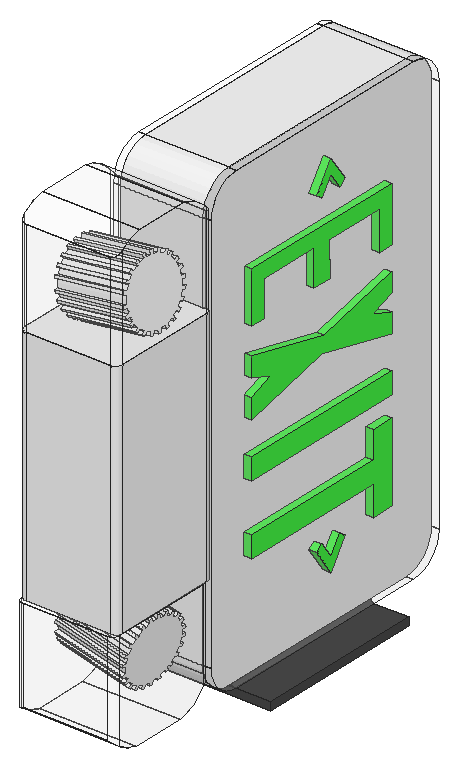
Revit family "DYNC_End", category Lighting Fixtures, host Face, Revit 2021
Family settings
  Host = Face
  Round Connector Dimension = Use Diameter
  Part Type = Normal
  OmniClass Number = 23.80.70.11.21
  OmniClass Title = Emergency Lighting
  Cut with Voids When Loaded = No
  Light Source = No
  Shared = No
  Room Calculation Point = No
Parameters (values of type "DYNC-D-G")
  zz Length 1 [instance] = if(Single Face, 0.200", 0.250")  # 0.200"
  Watts = 3.72 W
  Wattage Comments = "3.72 W"
  Warranty = "Fixture: 5 Years Full; Battery: 2 Years Full, 8 Years Pro-Rata"  # constant formula
  Wall Plate Material = Black
  Voltage [instance] = if(Is 120VAC, 120 V, 277 V)  # 120 V
  URL = "https://www.currentlighting.com/dual-lite"
  Type Comments = "Exit Light"  # constant formula
  Single Face = yes
  Product Page URL = ""
  Product Documentation Link = ""
  Model = "DYNC"  # constant formula
  Manufacturer = "DUAL-LITE"  # constant formula
  Load Classification = Lighting
  Lens = Green Glass
  Lamp = "LED Lamp"  # constant formula
  Is 277VAC [instance] = not(Is 120VAC)  # no
  Is 120VAC [instance] = yes
  Holder Material = Steel
  Glass = light Glass
  Finish = White
  Features = "NEMA 4X Rated\r\nUL Sanitation Certified\r\nFull Lumen output over 90 minutes of battery discharge\r\nHeavy Duty die-cast construction with polycarbonate shields\r\nLong-life Lithium Iron Phosphate battery\r\nRed or Green Letters in White or Black Finish\r\nWall, Ceiling or End Mount"  # constant formula
  Double Face = yes
  Description = "DYNC Series is a highly versatile superior lumen output, industrial application combination Exit/Emergency lighting unit designed to provide a minimum of 90 minutes illumination when primary power is lost."  # constant formula
  Default Elevation = 48.000"
  Certification = "UL 924 Listed\r\nNFPA 101 Life Safety Code\r\nCEC T20 Compliant"  # constant formula
  Ceiling = End : E1
  Application = "NEMA 4 X, Wet, Industrial"  # constant formula
  Apparent Load = Watts  # 3.72 VA
Types (4): name | Lens | Double Face
  DYNC-S-R | Red Glass | no
  DYNC-S-G | Green Glass | no
  DYNC-D-G | Green Glass | yes
  DYNC-D-R | Red Glass | yes
Reference planes (in)
  plane 1 "Center (Front/Back)": y = 0
  plane 2: z = 0
  plane 3 "Center (Left/Right)": x = 0
  plane 4: x = -6.25
  plane 5: x = 6.25
  plane 6: x = -2.75
  plane 7: x = 2.75
  plane 8: z = 9.3
  plane 9: y = -1.25
  plane 10: y = 1.25
  plane 11: y = -2.2
  plane 12: y = 2.2
Forms (in)
  Extrusion 1, solid, material "Black" <- "Wall Plate Material"
    sketch origin (-0.33698, -0.33698, 0) x (1, 0, 0) y (0, 0, 1)
      loop
        line (2.20258, 0) -> (2.20258, 0.24288) -> (1.0795, 0.24288)
        arc (1.0795, 0.24288) -> (0.94157, 0.42301) -> (0.97906, 0.64676) r 0.28476
        line (0.97906, 0.64676) -> (-0.97906, 0.64676)
        arc (-0.97906, 0.64676) -> (-0.94157, 0.42301) -> (-1.0795, 0.24288) r 0.28476
        line (-1.0795, 0.24288) -> (-2.20258, 0.24288) -> (-2.20258, 0) -> (2.20258, 0)
    from -2.75 to 2.75
Dimensions and locks (in)
  plane 4 to plane 3 "Center (Left/Right)" = 6.250"
  equal spacing: plane 4, plane 3 "Center (Left/Right)", plane 5
  equal spacing: plane 6, plane 3 "Center (Left/Right)", plane 7
  plane 6 to plane 3 "Center (Left/Right)" = 2.750"
  plane 7 to plane 6 = 5.500"
  plane 5 to plane 4 = 12.500"
  aligned and locked: plane 2 to host face
  aligned and locked: level to host face
Automatic sketch dimensions
  host sketch curve to host sketch curve = 96.000"  (x2)
  Extrusion 1 sketch curve to level = 0.000"
  plane 6 to Extrusion 1 sketch curve = 0.21043"
  level to Extrusion 1 sketch curve = 0.49173"
  Extrusion 1 sketch curve to Extrusion 1 sketch curve = 0.98467"
  Extrusion 1 sketch curve to Extrusion 1 sketch curve = 0.13842"  (x2)
  Extrusion 1 sketch curve to Extrusion 1 sketch curve = 0.23886"
  plane 3 "Center (Left/Right)" to Extrusion 1 sketch curve = 0.64208"
  Extrusion 1 sketch curve to Extrusion 1 sketch curve = 0.10044"
  level to Extrusion 1 sketch curve = 0.24288"
  Extrusion 1 sketch curve to plane 7 = 0.8844"
  Extrusion 1 sketch curve to Extrusion 1 sketch curve = 0.24288"
Nested families (in)
  nested 1: "End" at (-0.3125, -4, 3.27041) x (0, 1, 0) z (0, 0, 1), type <- "Ceiling", type "E1"
  nested 2: "Light Source" at (0.45318, -6.95135, 0.39641) x (-0.9983, 0.0591, 0) z (0, 0, 1), type "ies"
  nested 3: "Light Source" at (0.45318, -6.95135, 10.85511) x (-0.997, 0.0778, 0) z (0, 0, 1), type "ies"
Connectors (in)
  electrical at (-0.33698, -0.33698, 0), driven by "Voltage", driven by "Apparent Load"
    settings: on Extrusion 1, index 1, voltage 120 V, apparent load 3.72 VA, apparent load phase1 0 VA, apparent load phase2 0 VA, apparent load phase3 0 VA, power factor 1, load classification "Other", number of poles 1, system type 30, power factor state 1, is connector primary yes, connector utility no, sub classification motor no, connector description "Lighting Connector"
Definition of nested family "End"
  Parameters
    Width = 3.100"
    Single Face = yes
    Lens = none
    Glass = none
    Finish = none
    Double Face = no
    Default Elevation = 0.000"
  Reference planes (in)
    plane 1 "Center (Front/Back)": y = 0
    plane 2: z = 0
    plane 3 "Center (Left/Right)": x = 0
    plane 4: x = -7.375
    plane 5: x = 7.375
    plane 6: z = 9.055
    plane 7: y = -1.55
    plane 8: y = 1.55
    plane 9: z = 12.8
    plane 10: z = 13.6
  Forms (in)
    Extrusion 1, solid, material <- "Finish"
      sketch origin (8.66333, 0.02507, 4.75135) x (0, 0, 1) y (-1, 0, 0)
        loop
          arc (-6.375, 9.3) -> (-7.08211, 9.00711) -> (-7.375, 8.3) r 1
          line (-7.375, 8.3) -> (-7.375, 1.25)
          arc (-7.375, 1.25) -> (-7.08211, 0.54289) -> (-6.375, 0.25) r 1
          line (-6.375, 0.25) -> (6.375, 0.25)
          arc (6.375, 0.25) -> (7.08211, 0.54289) -> (7.375, 1.25) r 1
          line (7.375, 1.25) -> (7.375, 8.3)
          arc (7.375, 8.3) -> (7.08211, 9.00711) -> (6.375, 9.3) r 1
          line (6.375, 9.3) -> (-6.375, 9.3)
      from -1.3125 to 1.3125
    Extrusion 2, solid, material <- "Lens", visible <- "Single Face"
      sketch origin (7.41333, -0.66243, 4.75135) x (0, 0, 1) y (-1, 0, 0)
        loop
          line (-4.88814, 3.88778) -> (-5.7073, 3.3142) -> (-4.88814, 2.74063) -> (-4.74475, 2.94542) -> (-5.27143, 3.3142) -> (-4.74475, 3.68299) -> (-4.88814, 3.88778)
        loop
          line (5.26314, 3.88778) -> (5.11975, 3.68299) -> (5.64643, 3.3142) -> (5.11975, 2.94542) -> (5.26314, 2.74063) -> (6.0823, 3.3142) -> (5.26314, 3.88778)
        loop
          line (2.68416, 6.45678) -> (2.68416, 5.97564) -> (3.8216, 5.97564) -> (3.8216, 3.97225) -> (2.68416, 3.97225) -> (2.68416, 3.36683) -> (3.80274, 3.3823) -> (3.80274, 1.3823) -> (2.55274, 1.3823) -> (2.55274, 0.8823) -> (4.30274, 0.8823) -> (4.30274, 6.45678) -> (2.68416, 6.45678)
        loop
          line (1.83093, 6.45573) -> (1.20036, 6.45573) -> (0.92318, 5.69418) -> (0.646, 6.45573) -> (0.01543, 6.45573) -> (0.65867, 3.66954) -> (0.01543, 0.88335) -> (0.646, 0.88335) -> (0.92318, 1.64489) -> (1.20036, 0.88335) -> (1.78078, 0.88335) -> (1.16261, 3.56092) -> (1.83093, 6.45573)
        loop
          line (-1.71319, 6.47228) -> (-1.71319, 0.88335) -> (-1.04357, 0.88335) -> (-1.04357, 6.47228) -> (-1.71319, 6.47228)
        loop
          line (-2.38057, 0.88335) -> (-2.38057, 1.61488) -> (-3.25288, 1.61488) -> (-3.25288, 6.47228) -> (-3.9225, 6.47228) -> (-3.9225, 1.61488) -> (-4.89234, 1.61488) -> (-4.89234, 0.88335) -> (-2.38057, 0.88335)
      from 0.625 to 0.89107
    Extrusion 3, solid, material <- "Glass", visible <- "Single Face"
      sketch origin (8.66333, -0.66243, 4.75135) x (0, 0, 1) y (-1, 0, 0)
        loop
          line (-7.375, 8.305) -> (-7.375, 1.25)
          arc (-7.375, 1.25) -> (-7.08211, 0.54289) -> (-6.375, 0.25) r 1
          line (-6.375, 0.25) -> (6.375, 0.25)
          arc (6.375, 0.25) -> (7.08211, 0.54289) -> (7.375, 1.25) r 1
          line (7.375, 1.25) -> (7.375, 8.305)
          arc (7.375, 8.305) -> (7.08211, 9.01211) -> (6.375, 9.305) r 1
          line (6.375, 9.305) -> (-6.375, 9.305)
          arc (-6.375, 9.305) -> (-7.08211, 9.01211) -> (-7.375, 8.305) r 1
      from 0.625 to 0.89107
    Extrusion 4, solid, material <- "Lens", visible <- "Double Face"
      sketch origin (0.05875, 0.71257, 4.75135) x (0, 0, -1) y (-1, 0, 0)
        loop
          line (-4.95064, -3.88778) -> (-4.80725, -3.68299) -> (-5.33393, -3.3142) -> (-4.80725, -2.94542) -> (-4.95064, -2.74063) -> (-5.7698, -3.3142) -> (-4.95064, -3.88778)
        loop
          line (5.20064, -3.88778) -> (6.0198, -3.3142) -> (5.20064, -2.74063) -> (5.05725, -2.94542) -> (5.58393, -3.3142) -> (5.05725, -3.68299) -> (5.20064, -3.88778)
        loop
          line (2.68416, -6.45678) -> (4.30274, -6.45678) -> (4.30274, -0.8823) -> (2.55274, -0.8823) -> (2.55274, -1.3823) -> (3.80274, -1.3823) -> (3.80274, -3.3823) -> (2.68416, -3.36683) -> (2.68416, -3.97225) -> (3.8216, -3.97225) -> (3.8216, -5.97564) -> (2.68416, -5.97564) -> (2.68416, -6.45678)
        loop
          line (1.83093, -6.45573) -> (1.16261, -3.56092) -> (1.78078, -0.88335) -> (1.20036, -0.88335) -> (0.92318, -1.64489) -> (0.646, -0.88335) -> (0.01543, -0.88335) -> (0.65867, -3.66954) -> (0.01543, -6.45573) -> (0.646, -6.45573) -> (0.92318, -5.69418) -> (1.20036, -6.45573) -> (1.83093, -6.45573)
        loop
          line (-1.77569, -6.47228) -> (-1.10607, -6.47228) -> (-1.10607, -0.88335) -> (-1.77569, -0.88335) -> (-1.77569, -6.47228)
        loop
          line (-4.95484, -6.47228) -> (-2.44307, -6.47228) -> (-2.44307, -5.74075) -> (-3.41291, -5.74075) -> (-3.41291, -0.88335) -> (-4.08253, -0.88335) -> (-4.08253, -5.74075) -> (-4.95484, -5.74075) -> (-4.95484, -6.47228)
      from 0.625 to 0.84093
    Extrusion 5, solid, material <- "Glass", visible <- "Double Face"
      sketch origin (8.66333, 0.71257, 4.75135) x (0, 0, 1) y (1, 0, 0)
        loop
          line (7.375, -8.3) -> (7.375, -1.25)
          arc (7.375, -1.25) -> (7.08211, -0.54289) -> (6.375, -0.25) r 1
          line (6.375, -0.25) -> (-6.375, -0.25)
          arc (-6.375, -0.25) -> (-7.08211, -0.54289) -> (-7.375, -1.25) r 1
          line (-7.375, -1.25) -> (-7.375, -8.3)
          arc (-7.375, -8.3) -> (-7.08211, -9.00711) -> (-6.375, -9.3) r 1
          line (-6.375, -9.3) -> (6.375, -9.3)
          arc (6.375, -9.3) -> (7.08211, -9.00711) -> (7.375, -8.3) r 1
      from 0.625 to 0.84093
    Extrusion 6, solid, material <- "Finish"
      sketch origin (8.41333, 0, 4.75135) x (0, 1, 0) y (-1, 0, 0)
        loop
          arc (1.40408, 9.05) -> (1.50726, 9.09274) -> (1.55, 9.19592) r 0.14592
          line (1.55, 9.19592) -> (1.55, 12.58698)
          arc (1.55, 12.58698) -> (1.48761, 12.73761) -> (1.33698, 12.8) r 0.21302
          line (1.33698, 12.8) -> (-1.33575, 12.8)
          arc (-1.33575, 12.8) -> (-1.48725, 12.73725) -> (-1.55, 12.58575) r 0.21425
          line (-1.55, 12.58575) -> (-1.55, 9.2302)
          arc (-1.55, 9.2302) -> (-1.49722, 9.10278) -> (-1.3698, 9.05) r 0.1802
          line (-1.3698, 9.05) -> (1.40408, 9.05)
      from -3.80274 to 3.8216
    Extrusion 7, solid, material <- "Glass"
      sketch origin (8.41333, 0.09375, -3.74865) x (0, 1, 0) y (-1, 0, 0)
        loop
          arc (1.40408, 9.05) -> (1.50726, 9.09274) -> (1.55, 9.19592) r 0.14592
          line (1.55, 9.19592) -> (1.55, 12.58698)
          arc (1.55, 12.58698) -> (1.48761, 12.73761) -> (1.33698, 12.8) r 0.21302
          line (1.33698, 12.8) -> (-1.33575, 12.8)
          arc (-1.33575, 12.8) -> (-1.48725, 12.73725) -> (-1.55, 12.58575) r 0.21425
          line (-1.55, 12.58575) -> (-1.55, 9.2302)
          arc (-1.55, 9.2302) -> (-1.49722, 9.10278) -> (-1.3698, 9.05) r 0.1802
          line (-1.3698, 9.05) -> (1.40408, 9.05)
      from 1.125 to 4.5775
    Extrusion 8, solid, material <- "Glass"
      sketch origin (8.41333, 0, 13.25135) x (1, 0, 0) y (0, 1, 0)
        loop
          arc (-9.05, 1.40408) -> (-9.09274, 1.50726) -> (-9.19592, 1.55) r 0.14592
          line (-9.19592, 1.55) -> (-12.58698, 1.55)
          arc (-12.58698, 1.55) -> (-12.73761, 1.48761) -> (-12.8, 1.33698) r 0.21302
          line (-12.8, 1.33698) -> (-12.8, -1.33575)
          arc (-12.8, -1.33575) -> (-12.73725, -1.48725) -> (-12.58575, -1.55) r 0.21425
          line (-12.58575, -1.55) -> (-9.2302, -1.55)
          arc (-9.2302, -1.55) -> (-9.10278, -1.49722) -> (-9.05, -1.3698) r 0.1802
          line (-9.05, -1.3698) -> (-9.05, 1.40408)
      from -4.6784 to -1.125
    Extrusion 9, void
      sketch origin (8.41333, 0, 4.7826) x (0, 0, 1) y (-1, 0, 0)
        loop
          line (-6.4079, 13.16468) -> (-7.87985, 13.16468) -> (-7.87985, 9.05) -> (-6.6482, 9.05)
          arc (-6.6482, 9.05) -> (-7.21595, 9.64124) -> (-7.4355, 10.43099) r 1.67637
          line (-7.4355, 10.43099) -> (-7.4355, 11.60825)
          arc (-7.4355, 11.60825) -> (-7.14621, 12.53469) -> (-6.4079, 13.16468) r 1.75073
      from -1.74651 to 1.7598
    Extrusion 10, void
      sketch origin (8.41333, 0, 4.7201) x (0, 0, -1) y (1, 0, 0)
        loop
          arc (-6.4079, -13.16468) -> (-7.14621, -12.53469) -> (-7.4355, -11.60825) r 1.75073
          line (-7.4355, -11.60825) -> (-7.4355, -10.43099)
          arc (-7.4355, -10.43099) -> (-7.21595, -9.64124) -> (-6.6482, -9.05) r 1.67637
          line (-6.6482, -9.05) -> (-7.87985, -9.05) -> (-7.87985, -13.16468) -> (-6.4079, -13.16468)
      from -1.74651 to 1.7598
    Extrusion 11, solid, material <- "Finish"
      sketch origin (8.02005, -1.94508, 5.99234) x (0.060547, 0.166352, -0.984206) y (0.994797, -0.090997, 0.045818)
        loop
          line (5.62448, -11.89005) -> (5.62448, -12.01258) -> (5.71473, -12.01258) -> (5.71473, -11.89413)
          arc (5.71473, -11.89413) -> (5.84526, -11.88558) -> (5.97355, -11.86006) r 1
          line (5.97355, -11.86006) -> (6.00421, -11.97447) -> (6.09138, -11.95111) -> (6.05967, -11.83276)
          arc (6.05967, -11.83276) -> (6.13876, -11.79978) -> (6.21473, -11.76016) r 1
          line (6.21473, -11.76016) -> (6.27395, -11.86274) -> (6.35212, -11.81761) -> (6.29085, -11.7115)
          arc (6.29085, -11.7115) -> (6.35871, -11.65918) -> (6.42184, -11.60124) r 1
          line (6.42184, -11.60124) -> (6.50559, -11.68499) -> (6.56941, -11.62117) -> (6.48277, -11.53453)
          arc (6.48277, -11.53453) -> (6.53477, -11.46643) -> (6.58076, -11.39413) r 1
          line (6.58076, -11.39413) -> (6.68333, -11.45336) -> (6.72846, -11.37519) -> (6.62235, -11.31393)
          arc (6.62235, -11.31393) -> (6.65495, -11.23469) -> (6.68066, -11.15295) r 1
          line (6.68066, -11.15295) -> (6.79507, -11.18361) -> (6.81843, -11.09643) -> (6.70007, -11.06472)
          arc (6.70007, -11.06472) -> (6.71106, -10.97974) -> (6.71473, -10.89413) r 1
          line (6.71473, -10.89413) -> (6.83318, -10.89413) -> (6.83318, -10.80388) -> (6.71065, -10.80388)
          arc (6.71065, -10.80388) -> (6.69927, -10.71895) -> (6.68066, -10.63531) r 1
          line (6.68066, -10.63531) -> (6.79507, -10.60466) -> (6.77171, -10.51748) -> (6.65335, -10.54919)
          arc (6.65335, -10.54919) -> (6.62038, -10.4701) -> (6.58076, -10.39413) r 1
          line (6.58076, -10.39413) -> (6.68333, -10.33491) -> (6.63821, -10.25675) -> (6.53209, -10.31801)
          arc (6.53209, -10.31801) -> (6.50808, -10.28537) -> (6.48277, -10.25373) r 1
          line (6.48277, -10.25373) -> (6.56941, -10.16709) -> (6.50559, -10.10327) -> (6.42184, -10.18702)
          arc (6.42184, -10.18702) -> (6.35871, -10.12909) -> (6.29085, -10.07677) r 1
          line (6.29085, -10.07677) -> (6.35212, -9.97065) -> (6.27395, -9.92553) -> (6.21473, -10.02811)
          arc (6.21473, -10.02811) -> (6.13876, -9.98848) -> (6.05967, -9.95551) r 1
          line (6.05967, -9.95551) -> (6.09138, -9.83715) -> (6.00421, -9.81379) -> (5.97355, -9.92821)
          arc (5.97355, -9.92821) -> (5.88991, -9.9096) -> (5.80498, -9.89821) r 1
          line (5.80498, -9.89821) -> (5.80498, -9.77568) -> (5.71473, -9.77568) -> (5.71473, -9.89413)
          arc (5.71473, -9.89413) -> (5.62912, -9.8978) -> (5.54415, -9.90879) r 1
          line (5.54415, -9.90879) -> (5.51243, -9.79043) -> (5.42525, -9.81379) -> (5.45591, -9.92821)
          arc (5.45591, -9.92821) -> (5.37417, -9.95391) -> (5.29493, -9.98651) r 1
          line (5.29493, -9.98651) -> (5.23367, -9.8804) -> (5.15551, -9.92553) -> (5.21473, -10.02811)
          arc (5.21473, -10.02811) -> (5.14243, -10.07409) -> (5.07433, -10.12609) r 1
          line (5.07433, -10.12609) -> (4.98769, -10.03945) -> (4.92387, -10.10327) -> (5.00762, -10.18702)
          arc (5.00762, -10.18702) -> (4.94969, -10.25015) -> (4.89737, -10.31801) r 1
          line (4.89737, -10.31801) -> (4.79125, -10.25675) -> (4.74613, -10.33491) -> (4.8487, -10.39413)
          arc (4.8487, -10.39413) -> (4.80908, -10.4701) -> (4.77611, -10.54919) r 1
          line (4.77611, -10.54919) -> (4.65775, -10.51748) -> (4.63439, -10.60466) -> (4.7488, -10.63531)
          arc (4.7488, -10.63531) -> (4.73019, -10.71895) -> (4.71881, -10.80388) r 1
          line (4.71881, -10.80388) -> (4.59628, -10.80388) -> (4.59628, -10.89413) -> (4.71473, -10.89413)
          arc (4.71473, -10.89413) -> (4.7184, -10.97974) -> (4.72939, -11.06472) r 1
          line (4.72939, -11.06472) -> (4.61103, -11.09643) -> (4.63439, -11.18361) -> (4.7488, -11.15295)
          arc (4.7488, -11.15295) -> (4.77451, -11.23469) -> (4.80711, -11.31393) r 1
          line (4.80711, -11.31393) -> (4.701, -11.37519) -> (4.74613, -11.45336) -> (4.8487, -11.39413)
          arc (4.8487, -11.39413) -> (4.89469, -11.46643) -> (4.94669, -11.53453) r 1
          line (4.94669, -11.53453) -> (4.86005, -11.62117) -> (4.92387, -11.68499) -> (5.00762, -11.60124)
          arc (5.00762, -11.60124) -> (5.07075, -11.65918) -> (5.13861, -11.7115) r 1
          line (5.13861, -11.7115) -> (5.07734, -11.81761) -> (5.15551, -11.86274) -> (5.21473, -11.76016)
          arc (5.21473, -11.76016) -> (5.2907, -11.79978) -> (5.36979, -11.83276) r 1
          line (5.36979, -11.83276) -> (5.33808, -11.95111) -> (5.42525, -11.97447) -> (5.45591, -11.86006)
          arc (5.45591, -11.86006) -> (5.53955, -11.87867) -> (5.62448, -11.89005) r 1
      from -1.05758 to 1.28743
    Extrusion 12, solid, material <- "Finish"
      sketch origin (8.05037, -1.76154, 3.51036) x (0.057635, 0.167383, 0.984206) y (-0.996233, 0.073622, 0.045818)
        loop
          arc (5.62448, 11.89005) -> (5.53955, 11.87867) -> (5.45591, 11.86006) r 1
          line (5.45591, 11.86006) -> (5.42525, 11.97447) -> (5.33808, 11.95111) -> (5.36979, 11.83276)
          arc (5.36979, 11.83276) -> (5.2907, 11.79978) -> (5.21473, 11.76016) r 1
          line (5.21473, 11.76016) -> (5.15551, 11.86274) -> (5.07734, 11.81761) -> (5.13861, 11.7115)
          arc (5.13861, 11.7115) -> (5.07075, 11.65918) -> (5.00762, 11.60124) r 1
          line (5.00762, 11.60124) -> (4.92387, 11.68499) -> (4.86005, 11.62117) -> (4.94669, 11.53453)
          arc (4.94669, 11.53453) -> (4.89469, 11.46643) -> (4.8487, 11.39413) r 1
          line (4.8487, 11.39413) -> (4.74613, 11.45336) -> (4.701, 11.37519) -> (4.80711, 11.31393)
          arc (4.80711, 11.31393) -> (4.77451, 11.23469) -> (4.7488, 11.15295) r 1
          line (4.7488, 11.15295) -> (4.63439, 11.18361) -> (4.61103, 11.09643) -> (4.72939, 11.06472)
          arc (4.72939, 11.06472) -> (4.7184, 10.97974) -> (4.71473, 10.89413) r 1
          line (4.71473, 10.89413) -> (4.59628, 10.89413) -> (4.59628, 10.80388) -> (4.71881, 10.80388)
          arc (4.71881, 10.80388) -> (4.73019, 10.71895) -> (4.7488, 10.63531) r 1
          line (4.7488, 10.63531) -> (4.63439, 10.60466) -> (4.65775, 10.51748) -> (4.77611, 10.54919)
          arc (4.77611, 10.54919) -> (4.80908, 10.4701) -> (4.8487, 10.39413) r 1
          line (4.8487, 10.39413) -> (4.74613, 10.33491) -> (4.79125, 10.25675) -> (4.89737, 10.31801)
          arc (4.89737, 10.31801) -> (4.94969, 10.25015) -> (5.00762, 10.18702) r 1
          line (5.00762, 10.18702) -> (4.92387, 10.10327) -> (4.98769, 10.03945) -> (5.07433, 10.12609)
          arc (5.07433, 10.12609) -> (5.14243, 10.07409) -> (5.21473, 10.02811) r 1
          line (5.21473, 10.02811) -> (5.15551, 9.92553) -> (5.23367, 9.8804) -> (5.29493, 9.98651)
          arc (5.29493, 9.98651) -> (5.37417, 9.95391) -> (5.45591, 9.92821) r 1
          line (5.45591, 9.92821) -> (5.42525, 9.81379) -> (5.51243, 9.79043) -> (5.54415, 9.90879)
          arc (5.54415, 9.90879) -> (5.62912, 9.8978) -> (5.71473, 9.89413) r 1
          line (5.71473, 9.89413) -> (5.71473, 9.77568) -> (5.80498, 9.77568) -> (5.80498, 9.89821)
          arc (5.80498, 9.89821) -> (5.88991, 9.9096) -> (5.97355, 9.92821) r 1
          line (5.97355, 9.92821) -> (6.00421, 9.81379) -> (6.09138, 9.83715) -> (6.05967, 9.95551)
          arc (6.05967, 9.95551) -> (6.13876, 9.98848) -> (6.21473, 10.02811) r 1
          line (6.21473, 10.02811) -> (6.27395, 9.92553) -> (6.35212, 9.97065) -> (6.29085, 10.07677)
          arc (6.29085, 10.07677) -> (6.35871, 10.12909) -> (6.42184, 10.18702) r 1
          line (6.42184, 10.18702) -> (6.50559, 10.10327) -> (6.56941, 10.16709) -> (6.48277, 10.25373)
          arc (6.48277, 10.25373) -> (6.50808, 10.28537) -> (6.53209, 10.31801) r 1
          line (6.53209, 10.31801) -> (6.63821, 10.25675) -> (6.68333, 10.33491) -> (6.58076, 10.39413)
          arc (6.58076, 10.39413) -> (6.62038, 10.4701) -> (6.65335, 10.54919) r 1
          line (6.65335, 10.54919) -> (6.77171, 10.51748) -> (6.79507, 10.60466) -> (6.68066, 10.63531)
          arc (6.68066, 10.63531) -> (6.69927, 10.71895) -> (6.71065, 10.80388) r 1
          line (6.71065, 10.80388) -> (6.83318, 10.80388) -> (6.83318, 10.89413) -> (6.71473, 10.89413)
          arc (6.71473, 10.89413) -> (6.71106, 10.97974) -> (6.70007, 11.06472) r 1
          line (6.70007, 11.06472) -> (6.81843, 11.09643) -> (6.79507, 11.18361) -> (6.68066, 11.15295)
          arc (6.68066, 11.15295) -> (6.65495, 11.23469) -> (6.62235, 11.31393) r 1
          line (6.62235, 11.31393) -> (6.72846, 11.37519) -> (6.68333, 11.45336) -> (6.58076, 11.39413)
          arc (6.58076, 11.39413) -> (6.53477, 11.46643) -> (6.48277, 11.53453) r 1
          line (6.48277, 11.53453) -> (6.56941, 11.62117) -> (6.50559, 11.68499) -> (6.42184, 11.60124)
          arc (6.42184, 11.60124) -> (6.35871, 11.65918) -> (6.29085, 11.7115) r 1
          line (6.29085, 11.7115) -> (6.35212, 11.81761) -> (6.27395, 11.86274) -> (6.21473, 11.76016)
          arc (6.21473, 11.76016) -> (6.13876, 11.79978) -> (6.05967, 11.83276) r 1
          line (6.05967, 11.83276) -> (6.09138, 11.95111) -> (6.00421, 11.97447) -> (5.97355, 11.86006)
          arc (5.97355, 11.86006) -> (5.84526, 11.88558) -> (5.71473, 11.89413) r 1
          line (5.71473, 11.89413) -> (5.71473, 12.01258) -> (5.62448, 12.01258) -> (5.62448, 11.89005)
      from -1.05758 to 1.28743
  Cuts and joins
    Extrusion 9 cuts Extrusion 1
    Extrusion 9 cuts Extrusion 3
    Extrusion 9, Extrusion 10 cuts Extrusion 7
    Extrusion 10 cuts Extrusion 8
  Dimensions and locks (in)
    plane 6 to level = 9.055"
    plane 5 to plane 4 = 14.750"
    equal spacing: plane 5, plane 3 "Center (Left/Right)", plane 4
    "Width": plane 8 to plane 7
    equal spacing: plane 8, plane 1 "Center (Front/Back)", plane 7
    aligned and locked: plane 2 to level
  Automatic sketch dimensions
    plane 5 to Extrusion 1 sketch curve = 0.03833"
    Extrusion 1 sketch curve to level = 2.62365"
    plane 5 to Extrusion 1 sketch curve = 1.03833"
    plane 3 "Center (Left/Right)" to Extrusion 1 sketch curve = 0.36333"  (x2)
    Extrusion 1 sketch curve to Extrusion 1 sketch curve = 1.000"
    Extrusion 1 sketch curve to plane 9 = 1.67365"  (x2)
    Extrusion 2 sketch curve to level = 0.95595"
    Extrusion 2 sketch curve to Extrusion 2 sketch curve = 0.43586"  (x2)
    Extrusion 2 sketch curve to level = 0.14099"
    Extrusion 2 sketch curve to level = 0.13679"  (x2)
    level to Extrusion 2 sketch curve = 0.0066"  (x2)
    level to Extrusion 2 sketch curve = 0.82885"
    Extrusion 2 sketch curve to Extrusion 2 sketch curve = 0.66962"  (x2)
    Extrusion 2 sketch curve to Extrusion 2 sketch curve = 0.87231"
    Extrusion 2 sketch curve to Extrusion 2 sketch curve = 0.66738"
    Extrusion 2 sketch curve to Extrusion 2 sketch curve = 1.05899"  (x2)
    Extrusion 2 sketch curve to plane 5 = 0.84502"  (x3)
    Extrusion 2 sketch curve to Extrusion 2 sketch curve = 0.63057"  (x3)
    plane 3 "Center (Left/Right)" to Extrusion 2 sketch curve = 0.9576"  (x2)
    Extrusion 2 sketch curve to Extrusion 2 sketch curve = 0.01267"
    Extrusion 2 sketch curve to plane 5 = 1.60656"
    Extrusion 2 sketch curve to Extrusion 2 sketch curve = 0.27718"  (x2)
    Extrusion 2 sketch curve to Extrusion 2 sketch curve = 0.50394"
    Extrusion 2 sketch curve to Extrusion 2 sketch curve = 0.55436"  (x2)
    Extrusion 2 sketch curve to Extrusion 2 sketch curve = 0.58042"
    Extrusion 2 sketch curve to Extrusion 2 sketch curve = 0.77196"
    Extrusion 2 sketch curve to Extrusion 2 sketch curve = 0.85323"
    Extrusion 2 sketch curve to Extrusion 2 sketch curve = 1.52154"
    Extrusion 2 sketch curve to plane 6 = 0.50091"
    Extrusion 2 sketch curve to plane 6 = 0.48205"
    Extrusion 2 sketch curve to plane 6 = 0.00091"
    plane 6 to Extrusion 2 sketch curve = 0.8161"
    Extrusion 2 sketch curve to Extrusion 2 sketch curve = 0.000"  (x3)
    Extrusion 2 sketch curve to Extrusion 2 sketch curve = 0.14339"  (x2)
    Extrusion 2 sketch curve to Extrusion 2 sketch curve = 0.52668"
    Extrusion 2 sketch curve to Extrusion 2 sketch curve = 0.00106"
    Extrusion 2 sketch curve to Extrusion 2 sketch curve = 0.500"
    Extrusion 2 sketch curve to Extrusion 2 sketch curve = 0.73153"
    Extrusion 2 sketch curve to Extrusion 2 sketch curve = 1.12575"
    Extrusion 2 sketch curve to Extrusion 2 sketch curve = 1.35833"
    Extrusion 2 sketch curve to Extrusion 2 sketch curve = 0.20479"  (x2)
    Extrusion 2 sketch curve to Extrusion 2 sketch curve = 1.98453"
    Extrusion 2 sketch curve to Extrusion 2 sketch curve = 0.01547"
    Extrusion 2 sketch curve to Extrusion 2 sketch curve = 0.19409"
    Extrusion 2 sketch curve to Extrusion 2 sketch curve = 0.10862"
    Extrusion 2 sketch curve to Extrusion 2 sketch curve = 0.58995"
    Extrusion 2 sketch curve to Extrusion 2 sketch curve = 0.76154"
    Extrusion 2 sketch curve to Extrusion 2 sketch curve = 0.48009"
    Extrusion 2 sketch curve to Extrusion 2 sketch curve = 0.48114"
    plane 3 "Center (Left/Right)" to Extrusion 2 sketch curve = 0.94105"  (x2)
    plane 3 "Center (Left/Right)" to Extrusion 3 sketch curve = 0.35833"
    Extrusion 3 sketch curve to level = 2.62365"
    Extrusion 3 sketch curve to Extrusion 3 sketch curve = 1.000"  (x2)
    Extrusion 3 sketch curve to plane 9 = 1.67365"  (x2)
    plane 5 to Extrusion 3 sketch curve = 1.03833"
    plane 5 to Extrusion 3 sketch curve = 0.03833"
    plane 6 to Extrusion 4 sketch curve = 1.46615"
    Extrusion 4 sketch curve to Extrusion 4 sketch curve = 0.43586"  (x2)
    plane 6 to Extrusion 4 sketch curve = 0.65119"
    plane 6 to Extrusion 4 sketch curve = 0.64699"  (x2)
    Extrusion 4 sketch curve to Extrusion 4 sketch curve = 0.14339"  (x4)
    Extrusion 4 sketch curve to plane 6 = 0.22112"
    Extrusion 4 sketch curve to Extrusion 4 sketch curve = 0.66962"  (x2)
    Extrusion 4 sketch curve to Extrusion 4 sketch curve = 0.96984"
    Extrusion 4 sketch curve to Extrusion 4 sketch curve = 0.66738"
    Extrusion 4 sketch curve to Extrusion 4 sketch curve = 1.12149"  (x2)
    Extrusion 4 sketch curve to plane 5 = 0.86052"  (x2)
    Extrusion 4 sketch curve to Extrusion 4 sketch curve = 0.63057"  (x3)
    plane 3 "Center (Left/Right)" to Extrusion 4 sketch curve = 0.94211"  (x3)
    Extrusion 4 sketch curve to Extrusion 4 sketch curve = 0.01267"
    Extrusion 4 sketch curve to plane 5 = 1.62206"
    Extrusion 4 sketch curve to Extrusion 4 sketch curve = 0.27718"  (x2)
    plane 3 "Center (Left/Right)" to Extrusion 4 sketch curve = 1.70365"
    Extrusion 4 sketch curve to Extrusion 4 sketch curve = 0.50394"
    Extrusion 4 sketch curve to Extrusion 4 sketch curve = 0.55436"  (x2)
    Extrusion 4 sketch curve to Extrusion 4 sketch curve = 0.58042"
    Extrusion 4 sketch curve to Extrusion 4 sketch curve = 0.77196"
    Extrusion 4 sketch curve to Extrusion 4 sketch curve = 0.85323"
    Extrusion 4 sketch curve to Extrusion 4 sketch curve = 1.52154"
    level to Extrusion 4 sketch curve = 0.94861"
    Extrusion 4 sketch curve to Extrusion 4 sketch curve = 0.01886"
    level to Extrusion 4 sketch curve = 0.44861"
    Extrusion 4 sketch curve to level = 0.3059"  (x2)
    Extrusion 4 sketch curve to Extrusion 4 sketch curve = 0.52668"
    Extrusion 4 sketch curve to Extrusion 4 sketch curve = 0.00106"
    Extrusion 4 sketch curve to plane 5 = 0.84397"
    Extrusion 4 sketch curve to Extrusion 4 sketch curve = 0.000"  (x2)
    Extrusion 4 sketch curve to Extrusion 4 sketch curve = 0.48114"
    Extrusion 4 sketch curve to Extrusion 4 sketch curve = 0.73153"
    Extrusion 4 sketch curve to Extrusion 4 sketch curve = 2.00339"
    Extrusion 4 sketch curve to Extrusion 4 sketch curve = 1.85297"
    Extrusion 4 sketch curve to Extrusion 4 sketch curve = 0.08447"
    Extrusion 4 sketch curve to Extrusion 4 sketch curve = 0.20479"  (x2)
    Extrusion 4 sketch curve to Extrusion 4 sketch curve = 2.02465"
    Extrusion 4 sketch curve to Extrusion 4 sketch curve = 0.10862"
    Extrusion 4 sketch curve to Extrusion 4 sketch curve = 0.58995"
    Extrusion 4 sketch curve to Extrusion 4 sketch curve = 0.60542"
    plane 3 "Center (Left/Right)" to Extrusion 4 sketch curve = 1.44105"
    Extrusion 4 sketch curve to Extrusion 4 sketch curve = 0.49894"
    Extrusion 4 sketch curve to Extrusion 4 sketch curve = 0.500"
    plane 3 "Center (Left/Right)" to Extrusion 5 sketch curve = 0.36333"  (x2)
    Extrusion 5 sketch curve to level = 2.62365"
    Extrusion 5 sketch curve to plane 3 "Center (Left/Right)" = 0.63667"
    plane 5 to Extrusion 5 sketch curve = 0.03833"  (x2)
    Extrusion 5 sketch curve to Extrusion 5 sketch curve = 1.000"
    Extrusion 5 sketch curve to plane 9 = 1.67365"
    plane 7 to Extrusion 6 sketch curve = 0.000"
    plane 8 to Extrusion 6 sketch curve = 0.000"
    Extrusion 6 sketch curve to plane 7 = 0.1802"
    Extrusion 6 sketch curve to Extrusion 6 sketch curve = 0.21425"
    plane 8 to Extrusion 6 sketch curve = 0.21302"
    plane 8 to Extrusion 6 sketch curve = 0.14592"
    Extrusion 6 sketch curve to plane 3 "Center (Left/Right)" = 0.63667"
    plane 4 to Extrusion 6 sketch curve = 3.20258"
    Extrusion 7 sketch curve to plane 7 = 0.09375"
    Extrusion 7 sketch curve to Extrusion 7 sketch curve = 0.1802"
    Extrusion 7 sketch curve to Extrusion 7 sketch curve = 0.21425"
    plane 8 to Extrusion 7 sketch curve = 0.11927"
    plane 8 to Extrusion 7 sketch curve = 0.05217"
    Extrusion 7 sketch curve to plane 8 = 0.09375"
    Extrusion 7 sketch curve to plane 3 "Center (Left/Right)" = 0.63667"
    plane 4 to Extrusion 7 sketch curve = 3.20258"
    plane 8 to Extrusion 8 sketch curve = 0.000"
    plane 7 to Extrusion 8 sketch curve = 0.000"
    plane 8 to Extrusion 8 sketch curve = 0.21302"
    plane 4 to Extrusion 8 sketch curve = 2.98833"
    Extrusion 8 sketch curve to Extrusion 8 sketch curve = 0.21425"
    Extrusion 8 sketch curve to plane 7 = 0.1802"
    Extrusion 8 sketch curve to plane 3 "Center (Left/Right)" = 0.81687"
    Extrusion 8 sketch curve to Extrusion 8 sketch curve = 0.14592"
    Extrusion 9 sketch curve to level = 3.09725"
    Extrusion 9 sketch curve to Extrusion 9 sketch curve = 0.44435"
    Extrusion 9 sketch curve to plane 3 "Center (Left/Right)" = 0.63667"
    Extrusion 9 sketch curve to Extrusion 9 sketch curve = 1.23165"
    Extrusion 9 sketch curve to Extrusion 9 sketch curve = 1.47195"
    Extrusion 9 sketch curve to level = 0.97702"
    Extrusion 9 sketch curve to level = 0.90258"
    Extrusion 9 sketch curve to Extrusion 9 sketch curve = 1.38099"
    Extrusion 9 sketch curve to Extrusion 9 sketch curve = 1.0986"
    Extrusion 9 sketch curve to Extrusion 9 sketch curve = 1.17726"
    plane 9 to Extrusion 10 sketch curve = 0.20005"
    plane 9 to Extrusion 10 sketch curve = 0.6444"
    plane 3 "Center (Left/Right)" to Extrusion 10 sketch curve = 0.63667"
    Extrusion 10 sketch curve to Extrusion 10 sketch curve = 1.23165"
    Extrusion 10 sketch curve to Extrusion 10 sketch curve = 1.47195"
    Extrusion 10 sketch curve to plane 6 = 1.42472"
    Extrusion 10 sketch curve to Extrusion 10 sketch curve = 0.07444"
    Extrusion 10 sketch curve to Extrusion 10 sketch curve = 1.38099"
    Extrusion 10 sketch curve to Extrusion 10 sketch curve = 1.0986"
    Extrusion 10 sketch curve to Extrusion 10 sketch curve = 1.17726"
    Extrusion 11 sketch curve to Extrusion 11 sketch curve = 0.000"  (x552)
    Extrusion 11 sketch curve to Extrusion 11 sketch curve = 0.01475"
    Extrusion 11 sketch curve to Extrusion 11 sketch curve = 0.03811"  (x3)
    Extrusion 11 sketch curve to Extrusion 11 sketch curve = 0.02336"  (x6)
    Extrusion 11 sketch curve to Extrusion 11 sketch curve = 0.06661"
    Extrusion 11 sketch curve to Extrusion 11 sketch curve = 0.11845"  (x2)
    Extrusion 11 sketch curve to Extrusion 11 sketch curve = 0.00408"  (x2)
    Extrusion 11 sketch curve to Extrusion 11 sketch curve = 0.11835"  (x2)
    Extrusion 11 sketch curve to Extrusion 11 sketch curve = 0.04513"  (x4)
    Extrusion 11 sketch curve to Extrusion 11 sketch curve = 0.08837"
    Extrusion 11 sketch curve to Extrusion 11 sketch curve = 0.11441"  (x2)
    Extrusion 11 sketch curve to Extrusion 11 sketch curve = 0.01942"  (x3)
    Extrusion 11 sketch curve to Extrusion 11 sketch curve = 0.0273"  (x3)
    Extrusion 11 sketch curve to Extrusion 11 sketch curve = 0.10611"
    Extrusion 11 sketch curve to Extrusion 11 sketch curve = 0.04159"  (x3)
    Extrusion 11 sketch curve to Extrusion 11 sketch curve = 0.10258"  (x4)
    Extrusion 11 sketch curve to Extrusion 11 sketch curve = 0.11392"
    Extrusion 11 sketch curve to Extrusion 11 sketch curve = 0.04866"  (x3)
    Extrusion 11 sketch curve to Extrusion 11 sketch curve = 0.13262"
    Extrusion 11 sketch curve to Extrusion 11 sketch curve = 0.06382"  (x4)
    Extrusion 11 sketch curve to Extrusion 11 sketch curve = 0.08664"
    Extrusion 11 sketch curve to Extrusion 11 sketch curve = 0.06093"  (x4)
    Extrusion 11 sketch curve to Extrusion 11 sketch curve = 0.08376"  (x5)
    Extrusion 11 sketch curve to Extrusion 11 sketch curve = 0.0667"  (x2)
    Extrusion 11 sketch curve to Extrusion 11 sketch curve = 0.15348"
    Extrusion 11 sketch curve to Extrusion 11 sketch curve = 0.06126"
    Extrusion 11 sketch curve to Extrusion 11 sketch curve = 0.16782"
    Extrusion 11 sketch curve to Extrusion 11 sketch curve = 0.07816"  (x4)
    Extrusion 11 sketch curve to Extrusion 11 sketch curve = 0.07612"  (x3)
    Extrusion 11 sketch curve to Extrusion 11 sketch curve = 0.05922"  (x7)
    Extrusion 11 sketch curve to Extrusion 11 sketch curve = 0.0802"
    Extrusion 11 sketch curve to Extrusion 11 sketch curve = 0.18257"
    Extrusion 11 sketch curve to Extrusion 11 sketch curve = 0.03171"
    Extrusion 11 sketch curve to Extrusion 11 sketch curve = 0.19159"
    Extrusion 11 sketch curve to Extrusion 11 sketch curve = 0.08718"  (x4)
    Extrusion 11 sketch curve to Extrusion 11 sketch curve = 0.08612"  (x3)
    Extrusion 11 sketch curve to Extrusion 11 sketch curve = 0.03066"  (x5)
    Extrusion 11 sketch curve to Extrusion 11 sketch curve = 0.08823"
    Extrusion 11 sketch curve to Extrusion 11 sketch curve = 0.16857"  (x2)
    Extrusion 11 sketch curve to Extrusion 11 sketch curve = 0.500"
    Extrusion 11 sketch curve to Extrusion 11 sketch curve = 0.09025"  (x3)
    Extrusion 11 sketch curve to Extrusion 11 sketch curve = 0.25882"
    Extrusion 11 sketch curve to Extrusion 11 sketch curve = 0.15506"  (x2)
    Extrusion 11 sketch curve to Extrusion 11 sketch curve = 0.13099"  (x2)
    Extrusion 11 sketch curve to Extrusion 11 sketch curve = 0.04932"
    Extrusion 11 sketch curve to Extrusion 11 sketch curve = 0.09799"
    Extrusion 11 sketch curve to Extrusion 11 sketch curve = 0.0688"
    Extrusion 11 sketch curve to Extrusion 11 sketch curve = 0.0726"
    Extrusion 11 sketch curve to Extrusion 11 sketch curve = 0.05831"
    Extrusion 11 sketch curve to Extrusion 11 sketch curve = 0.02999"
    Extrusion 11 sketch curve to Extrusion 11 sketch curve = 0.12253"  (x2)
    Extrusion 12 sketch curve to Extrusion 12 sketch curve = 0.000"  (x552)
    Extrusion 12 sketch curve to Extrusion 12 sketch curve = 0.01475"  (x2)
    Extrusion 12 sketch curve to Extrusion 12 sketch curve = 0.03811"  (x2)
    Extrusion 12 sketch curve to Extrusion 12 sketch curve = 0.02336"  (x6)
    Extrusion 12 sketch curve to Extrusion 12 sketch curve = 0.06661"  (x2)
    Extrusion 12 sketch curve to Extrusion 12 sketch curve = 0.11845"  (x2)
    Extrusion 12 sketch curve to Extrusion 12 sketch curve = 0.00408"  (x2)
    Extrusion 12 sketch curve to Extrusion 12 sketch curve = 0.11835"  (x2)
    Extrusion 12 sketch curve to Extrusion 12 sketch curve = 0.04513"  (x4)
    Extrusion 12 sketch curve to Extrusion 12 sketch curve = 0.08837"
    Extrusion 12 sketch curve to Extrusion 12 sketch curve = 0.11441"  (x2)
    Extrusion 12 sketch curve to Extrusion 12 sketch curve = 0.01942"  (x2)
    Extrusion 12 sketch curve to Extrusion 12 sketch curve = 0.0273"  (x4)
    Extrusion 12 sketch curve to Extrusion 12 sketch curve = 0.10611"
    Extrusion 12 sketch curve to Extrusion 12 sketch curve = 0.04159"  (x2)
    Extrusion 12 sketch curve to Extrusion 12 sketch curve = 0.10258"  (x3)
    Extrusion 12 sketch curve to Extrusion 12 sketch curve = 0.11392"
    Extrusion 12 sketch curve to Extrusion 12 sketch curve = 0.04866"  (x4)
    Extrusion 12 sketch curve to Extrusion 12 sketch curve = 0.13262"
    Extrusion 12 sketch curve to Extrusion 12 sketch curve = 0.06382"  (x4)
    Extrusion 12 sketch curve to Extrusion 12 sketch curve = 0.08664"  (x2)
    Extrusion 12 sketch curve to Extrusion 12 sketch curve = 0.06093"  (x3)
    Extrusion 12 sketch curve to Extrusion 12 sketch curve = 0.08376"  (x4)
    Extrusion 12 sketch curve to Extrusion 12 sketch curve = 0.0667"  (x3)
    Extrusion 12 sketch curve to Extrusion 12 sketch curve = 0.15348"
    Extrusion 12 sketch curve to Extrusion 12 sketch curve = 0.06126"  (x4)
    Extrusion 12 sketch curve to Extrusion 12 sketch curve = 0.16782"
    Extrusion 12 sketch curve to Extrusion 12 sketch curve = 0.07816"  (x4)
    Extrusion 12 sketch curve to Extrusion 12 sketch curve = 0.07612"  (x3)
    Extrusion 12 sketch curve to Extrusion 12 sketch curve = 0.05922"  (x3)
    Extrusion 12 sketch curve to Extrusion 12 sketch curve = 0.0802"
    Extrusion 12 sketch curve to Extrusion 12 sketch curve = 0.18257"
    Extrusion 12 sketch curve to Extrusion 12 sketch curve = 0.03171"  (x5)
    Extrusion 12 sketch curve to Extrusion 12 sketch curve = 0.19159"
    Extrusion 12 sketch curve to Extrusion 12 sketch curve = 0.08718"  (x4)
    Extrusion 12 sketch curve to Extrusion 12 sketch curve = 0.08612"  (x3)
    Extrusion 12 sketch curve to Extrusion 12 sketch curve = 0.03066"  (x3)
    Extrusion 12 sketch curve to Extrusion 12 sketch curve = 0.08823"
    Extrusion 12 sketch curve to Extrusion 12 sketch curve = 0.16857"  (x2)
    Extrusion 12 sketch curve to Extrusion 12 sketch curve = 0.34494"
    Extrusion 12 sketch curve to Extrusion 12 sketch curve = 0.09025"
    Extrusion 12 sketch curve to Extrusion 12 sketch curve = 0.25882"
    Extrusion 12 sketch curve to Extrusion 12 sketch curve = 0.15506"  (x2)
    Extrusion 12 sketch curve to Extrusion 12 sketch curve = 0.13099"  (x2)
    Extrusion 12 sketch curve to Extrusion 12 sketch curve = 0.04932"
    Extrusion 12 sketch curve to Extrusion 12 sketch curve = 0.09799"
    Extrusion 12 sketch curve to Extrusion 12 sketch curve = 0.0688"
    Extrusion 12 sketch curve to Extrusion 12 sketch curve = 0.0726"
    Extrusion 12 sketch curve to Extrusion 12 sketch curve = 0.05831"
    Extrusion 12 sketch curve to Extrusion 12 sketch curve = 0.02999"
    Extrusion 12 sketch curve to Extrusion 12 sketch curve = 0.12253"  (x2)
    Extrusion 12 sketch curve to Extrusion 12 sketch curve = 0.08966"
Definition of nested family "Light Source"
  Parameters
    Wattage = 9.2903 W
    built-in parameter 1150110 = 1 (stored number, unit not read)
    built-in parameter 1114217 = 1 (stored number, unit not read)
    Tilt Angle = 60.00°
    built-in parameter 1150109 = 1 (stored number, unit not read)
    built-in parameter 1150134 = (empty or 0)
    built-in parameter 1150113 = 1 (stored number, unit not read)
    Photometric Web File = "DYNC03.ies"
    Lumens = 1380 lm
    built-in parameter 1150115 = 1 (stored number, unit not read)
    built-in parameter 1150105 = 109.82 (stored number, unit not read)
    built-in parameter 1150137 = (empty or 0)
    built-in parameter 1150139 = (empty or 0)
    built-in parameter 1150112 = 1 (stored number, unit not read)
    built-in parameter 1150114 = 1 (stored number, unit not read)
    built-in parameter 1150132 = 2
    built-in parameter 1150102 = (empty or 0)
    built-in parameter 1150138 = (empty or 0)
    built-in parameter 1150107 = 3000 (stored number, unit not read)
    built-in parameter 1150106 = 1.0982 (stored number, unit not read)
    built-in parameter 1150104 = 13.8 (stored number, unit not read)
    Dimming Lamp Color Temperature Shift = (empty or 0)
    Default Elevation = 0.000"
    Color Filter = 16777215
    built-in parameter 1114218 = 1 (stored number, unit not read)
    built-in parameter 1150133 = 10 (stored number, unit not read)
  Reference planes (in)
    plane 1 "Light Source Axis (F/B)": y = 0
    plane 2: z = 0
    plane 3 "Light Source Axis (L/R)": x = 0
    plane 4 "Light Source Elevation": z = 51.47244
  Dimensions and locks (in)
    aligned and locked: plane 1 "Light Source Axis (F/B)" to imposter light
    aligned and locked: level to plane 2
